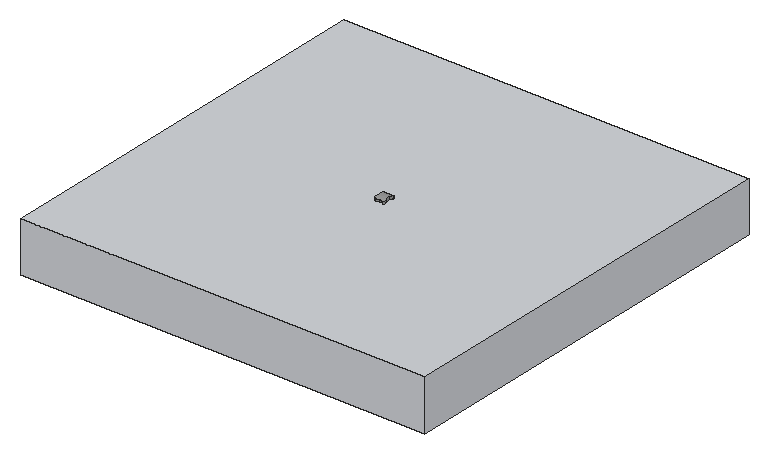
Revit family "L-one 5", category Осветительные приборы, Revit 2017
Family settings
  Основа = Грань
  Размер круглого соединителя = Использовать диаметр
  Тип детали = Нормальный
  При загрузке вырезать с полостями = Нет
  Источник света = Да
  Общий = Нет
  Точка расчета площади = Нет
Parameters (values of type "L-One-5-5-D-3.0K")
  Комментарии к типоразмеру = "Бытовые"
  Wattage Comments = ""
  Wattage = 2.35624 W
  built-in parameter 1150110 = 1 (stored number, unit not read)
  built-in parameter 1114217 = 1 (stored number, unit not read)
  Tilt Angle = 90.00°
  built-in parameter 1150109 = 1 (stored number, unit not read)
  built-in parameter 1150134 = (empty or 0)
  built-in parameter 1150113 = 1 (stored number, unit not read)
  Файл фотометрической сетки = "L-one 5-5-Д-3.0K-02.ies"
  built-in parameter 1150142 = "IESNA:LM-63-1995\r\n[TEST]LEDEL\r\n[DATA]28.10.2017\r\n[MANUFAC]LEDEL\r\n[LUMCAT]L-one 5/5/Д/3.0K/02 \r\n[LUMINAIRE]Для освещения офисных и жилых помещений, а также  декоративной подсветки\r\n[LAMPCAT]LED\r\n[LAMP]SEOUL \r\nTILT=NONE\r\n\r\n1 350  1  37 1 1 2 0.079 0.064 0.021\r\n\r\n1 1 5\r\n\r\n 0 2.5 5 7.5 10 12.5 15 17.5 20 22.5 25 27.5 30 32.5 35 37.5 40 42.5 45 47.5\r\n 50 52.5 55 57.5 60 62.5 65 67.5 70 72.5 75 77.5 80 82.5 85 87.5 90\r\n\r\n  0\r\n\r\n  183.5206\t183.5206\t182.2097\t179.5880\t175.6554\t173.0337\t169.1011\t162.5468\t155.9925\t148.1273\t141.5730\t132.3970\t123.2210\t112.7341\t103.5581\t93.0712\t83.8951\t74.7191\t66.8539\t60.2996\t53.7453\t48.5019\t44.5693\t39.3258\t35.3933\t31.4607\t27.5281\t26.2172\t23.5955\t22.2846\t20.9738\t18.3521\t17.0412\t14.4195\t13.1086\t11.7978\t11.7978"
  built-in parameter 1150105 = 27.852 (stored number, unit not read)
  Lumens = 350 lm
  built-in parameter 1150115 = 1 (stored number, unit not read)
  built-in parameter 1150137 = (empty or 0)
  built-in parameter 1150139 = (empty or 0)
  built-in parameter 1150112 = 1 (stored number, unit not read)
  built-in parameter 1150114 = 1 (stored number, unit not read)
  built-in parameter 1150132 = 2
  built-in parameter 1150102 = (empty or 0)
  built-in parameter 1150107 = 3000 (stored number, unit not read)
  built-in parameter 1150138 = (empty or 0)
  built-in parameter 1150106 = 0.27852 (stored number, unit not read)
  Emit from Rectangle Width = 63.5 mm  # constant formula
  Emit from Rectangle Length = 78.5 mm  # constant formula
  Изготовитель = "LEDEL"
  Emit Shape Visible in Rendering = no
  built-in parameter 1150104 = 13.8 (stored number, unit not read)
  Dimming Lamp Color Temperature Shift = (empty or 0)
  Default Elevation = 1219.2 mm
  Color Filter = 16777215
  built-in parameter 1114218 = 1 (stored number, unit not read)
  built-in parameter 1150133 = 10 (stored number, unit not read)
  Apparent Load = 5 VA  # constant formula
  Артикул = "501002"
Types (3, lengths in mm): name | built-in parameter 1150134 | Файл фотометрической сетки | built-in parameter 1150142 | built-in parameter 1150107 | Артикул
  (no name) | (empty or 0) | "L-one 5-5-Д-3.0K-02.ies" | "IESNA:LM-63-1995\r\n[TEST]LEDEL\r\n[DATA]28.10.2017\r\n[MANUFAC]LEDEL\r\n[LUMCAT]L-one 5/5/Д/3.0K/02 \r\n[LUMINAIRE]Для освещения офисных и жилых помещений, а также  декоративной подсветки\r\n[LAMPCAT]LED\r\n[LAMP]SEOUL \r\nTILT=NONE\r\n\r\n1 350  1  37 1 1 2 0.079 0.064 0.021\r\n\r\n1 1 5\r\n\r\n 0 2.5 5 7.5 10 12.5 15 17.5 20 22.5 25 27.5 30 32.5 35 37.5 40 42.5 45 47.5\r\n 50 52.5 55 57.5 60 62.5 65 67.5 70 72.5 75 77.5 80 82.5 85 87.5 90\r\n\r\n  0\r\n\r\n  183.5206\t183.5206\t182.2097\t179.5880\t175.6554\t173.0337\t169.1011\t162.5468\t155.9925\t148.1273\t141.5730\t132.3970\t123.2210\t112.7341\t103.5581\t93.0712\t83.8951\t74.7191\t66.8539\t60.2996\t53.7453\t48.5019\t44.5693\t39.3258\t35.3933\t31.4607\t27.5281\t26.2172\t23.5955\t22.2846\t20.9738\t18.3521\t17.0412\t14.4195\t13.1086\t11.7978\t11.7978" | 3000 (stored number, unit not read) | "501002"
  L-One-5-5-D-5.0K | 2 | "L-one 5-5-Д-5.0K-02.ies" | "IESNA:LM-63-1995\r\n[TEST]LEDEL\r\n[DATA]28.10.2017\r\n[MANUFAC]LEDEL\r\n[LUMCAT]L-one 5/5/Д/5.0K/02 \r\n[LUMINAIRE]Для освещения офисных и жилых помещений, а также  декоративной подсветки\r\n[LAMPCAT]LED\r\n[LAMP]SEOUL \r\nTILT=NONE\r\n\r\n1 350  1  37 1 1 2 0.079 0.064 0.021\r\n\r\n1 1 5\r\n\r\n 0 2.5 5 7.5 10 12.5 15 17.5 20 22.5 25 27.5 30 32.5 35 37.5 40 42.5 45 47.5\r\n 50 52.5 55 57.5 60 62.5 65 67.5 70 72.5 75 77.5 80 82.5 85 87.5 90\r\n\r\n  0\r\n\r\n  183.5206\t183.5206\t182.2097\t179.5880\t175.6554\t173.0337\t169.1011\t162.5468\t155.9925\t148.1273\t141.5730\t132.3970\t123.2210\t112.7341\t103.5581\t93.0712\t83.8951\t74.7191\t66.8539\t60.2996\t53.7453\t48.5019\t44.5693\t39.3258\t35.3933\t31.4607\t27.5281\t26.2172\t23.5955\t22.2846\t20.9738\t18.3521\t17.0412\t14.4195\t13.1086\t11.7978\t11.7978" | 5000 (stored number, unit not read) | "501000"
  L-One-5-5-D-3.0K | (empty or 0) | "L-one 5-5-Д-3.0K-02.ies" | "IESNA:LM-63-1995\r\n[TEST]LEDEL\r\n[DATA]28.10.2017\r\n[MANUFAC]LEDEL\r\n[LUMCAT]L-one 5/5/Д/3.0K/02 \r\n[LUMINAIRE]Для освещения офисных и жилых помещений, а также  декоративной подсветки\r\n[LAMPCAT]LED\r\n[LAMP]SEOUL \r\nTILT=NONE\r\n\r\n1 350  1  37 1 1 2 0.079 0.064 0.021\r\n\r\n1 1 5\r\n\r\n 0 2.5 5 7.5 10 12.5 15 17.5 20 22.5 25 27.5 30 32.5 35 37.5 40 42.5 45 47.5\r\n 50 52.5 55 57.5 60 62.5 65 67.5 70 72.5 75 77.5 80 82.5 85 87.5 90\r\n\r\n  0\r\n\r\n  183.5206\t183.5206\t182.2097\t179.5880\t175.6554\t173.0337\t169.1011\t162.5468\t155.9925\t148.1273\t141.5730\t132.3970\t123.2210\t112.7341\t103.5581\t93.0712\t83.8951\t74.7191\t66.8539\t60.2996\t53.7453\t48.5019\t44.5693\t39.3258\t35.3933\t31.4607\t27.5281\t26.2172\t23.5955\t22.2846\t20.9738\t18.3521\t17.0412\t14.4195\t13.1086\t11.7978\t11.7978" | 3000 (stored number, unit not read) | "501002"
Reference planes
  plane 1 "Center (Front/Back)": y = 0
  plane 2: z = 0
  plane 3 "Center (Left/Right)": x = 0
Forms (mm)
  Extrusion 1, solid
    sketch origin (0, 0, 0) x (1, 0, 0) y (0, 1, 0)
      loop
        line (-1219.2, 1219.2) -> (-1219.2, -1219.2) -> (1219.2, -1219.2) -> (1219.2, 1219.2) -> (-1219.2, 1219.2)
    from 0 to -304.8
  Extrusion 2, solid, material "Поликарбонат, прозрачный"
    sketch origin (0, 0, 0) x (0, -1, 0) y (1, 0, 0)
      loop
        arc (-39.2, 22.514) -> (-39.12, 21.295) -> (-38.883, 20.097) r 9.357
        arc (-38.883, 20.097) -> (-36.724, 10.151) -> (-36, 0) r 71.5
        arc (-36, 0) -> (-36.724, -10.151) -> (-38.883, -20.097) r 71.5
        arc (-38.883, -20.097) -> (-39.12, -21.295) -> (-39.2, -22.514) r 9.357
        arc (-39.2, -22.514) -> (-36.505, -29.019) -> (-30, -31.714) r 9.2
        arc (-30, -31.714) -> (-28.729, -31.603) -> (-27.497, -31.272) r 7.318
        arc (-27.497, -31.272) -> (-14.012, -27.229) -> (0, -25.864) r 72.6
        arc (0, -25.864) -> (14.012, -27.229) -> (27.497, -31.272) r 72.6
        arc (27.497, -31.272) -> (28.729, -31.603) -> (30, -31.714) r 7.318
        arc (30, -31.714) -> (36.505, -29.019) -> (39.2, -22.514) r 9.2
        arc (39.2, -22.514) -> (39.12, -21.295) -> (38.883, -20.097) r 9.357
        arc (38.883, -20.097) -> (36.724, -10.151) -> (36, 0) r 71.5
        arc (36, 0) -> (36.724, 10.151) -> (38.883, 20.097) r 71.5
        arc (38.883, 20.097) -> (39.12, 21.295) -> (39.2, 22.514) r 9.357
        arc (39.2, 22.514) -> (36.505, 29.019) -> (30, 31.714) r 9.2
        arc (30, 31.714) -> (28.729, 31.603) -> (27.497, 31.272) r 7.318
        arc (27.497, 31.272) -> (14.012, 27.229) -> (0, 25.864) r 72.6
        arc (0, 25.864) -> (-14.012, 27.229) -> (-27.497, 31.272) r 72.6
        arc (-27.497, 31.272) -> (-28.729, 31.603) -> (-30, 31.714) r 7.318
        arc (-30, 31.714) -> (-36.505, 29.019) -> (-39.2, 22.514) r 9.2
    from 0 to 21
  Extrusion 3, void
    sketch origin (0, 0, 16.77) x (0, -1, 0) y (0, 0, -1)
      loop
        line (-41.007, 11.309) -> (-41.007, -4.23) -> (40.09, -4.23) -> (40.09, 10.77)
        arc (40.09, 10.77) -> (-0.532, 0.002) -> (-41.007, 11.309) r 80
    from -50 to 50
Cuts and joins
  Extrusion 3 cuts Extrusion 2
Dimensions and locks
  aligned and locked: plane 2 to Extrusion 1
  aligned and locked: level to Extrusion 1
Connectors
  electrical at (0, 0, 0), driven by "Apparent Load"
    settings: on Extrusion 1, index 1, voltage 230 V, apparent load 0 VA, apparent load phase1 5 VA, apparent load phase2 0 VA, apparent load phase3 0 VA, power factor 1, load classification "Освещение", number of poles 1, system type 31, power factor state 1, is connector primary yes, connector utility no, sub classification motor no, connector description ""
